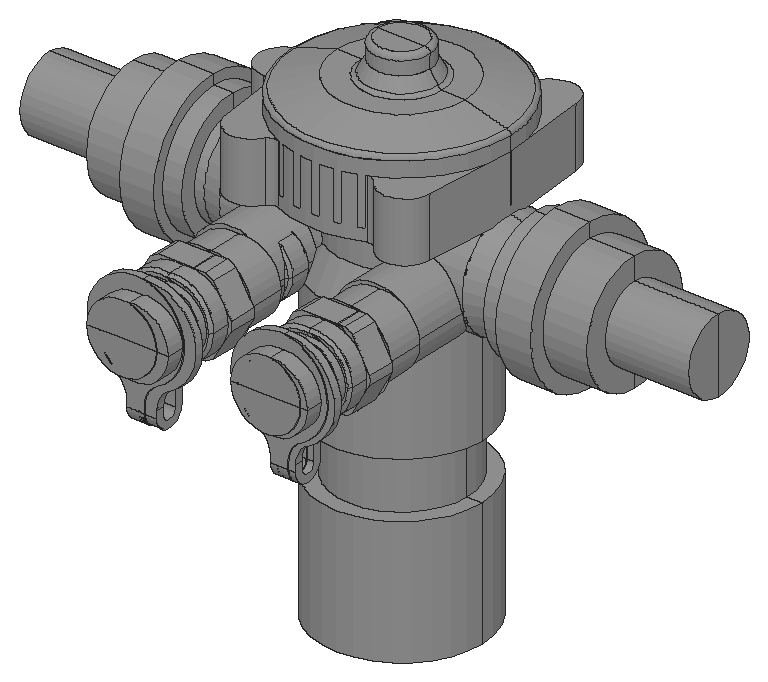
Revit family "Pressure independent control valve 4006_M_SMART", category Rohrzubehör, Revit 2018
Family settings
  Bemaßung runder Anschluss = Durchmesser verwenden
  Teiletyp = Unterbricht
  OmniClass-Nummer = 23.65.55.14
  OmniClass-Titel = Valves for Liquid Services
  Arbeitsebenenbasiert = Nein
  Immer vertikal = Ja
  Beim Laden mit Abzugskörper schneiden = Nein
  Gemeinsam genutzt = Nein
Parameters
  min. Operating temperature (pure water) = 2 °C  # constant formula
  min. Operating temperature (frost protection) = -20 °C  # constant formula
  max. Operating temperature up to DN32 = 130 °C  # constant formula
  max. Operating temperature from DN40 = 110 °C  # constant formula
  max. Operating pressure = 1600000.0 Pa  # constant formula
  S09 = 10.000 mm
  S08 = 30.000 mm
  Medium = "water purity in accordance with the ÖNORM H5195 and VDI 2035 standards\r\nthe use of ethylene and propylene glycol in a mixture ratio of 25 - 50% by volume [%] is permitted."
  VRL01 [instance] = size_lookup("4006M_S", "VRL1", 30.000 mm, Nennweite)  # 30.000 mm
  V12 = 17.000 mm  # constant formula
  V10 = 7.000 mm  # constant formula
  V09 [instance] = L06 + 4.000 mm  # 11.000 mm
  V07 = 8.000 mm  # constant formula
  V06 [instance] = 12.000 mm  # constant formula
  V05 [instance] = 13.200 mm  # constant formula
  V04 [instance] = V08 + 3.000 mm  # 13.000 mm
  V03 [instance] = V08 + 5.000 mm  # 15.000 mm
  V02 [instance] = V01 + 4.500 mm  # 12.000 mm
  V01 [instance] = Nennweite / 2  # 7.500 mm
  URL = "http://www.herzvalves.com/"
  Lift = 4.000 mm  # constant formula
  Pin = "stainless steel 14301"  # constant formula
  SCRNSEQ = "ARM;ARM_TYP=\"DURR\";2"
  SCRNCODE = "05;04;02"  # constant formula
  S07 [instance] = H03 + 3.700 mm  # 13.051 mm
  S06 [instance] = 42.550 mm  # constant formula
  S05 = 51.500 mm  # constant formula
  S04 [instance] = V03 * 2  # 30.000 mm
  S03 [instance] = VRL01 + L02  # 64.000 mm
  S02 [instance] = VRL01 + L01  # 71.000 mm
  S01 [instance] = L01 + L02 + (VRL01 * 2)  # 135.000 mm
  R17 [instance] = size_lookup("4006M_S", "R17", 12.500 mm, Nennweite)  # 12.500 mm
  R16 [instance] = size_lookup("4006M_S", "R16", 16.500 mm, Nennweite)  # 16.500 mm
  R15 = 7.225 mm  # constant formula
  R14 = 8.070 mm  # constant formula
  R13 = 3.496 mm  # constant formula
  R12 = 6.800 mm  # constant formula
  R11 = 9.620 mm  # constant formula
  R10 = 6.800 mm  # constant formula
  R09 = 16.292 mm  # constant formula
  R08 = 13.212 mm  # constant formula
  R07 = 18.816 mm  # constant formula
  R06 = 22.000 mm  # constant formula
  R05 = 12.954 mm  # constant formula
  R04 = 7.193 mm  # constant formula
  R03 = 5.755 mm  # constant formula
  R02 = 4.670 mm  # constant formula
  R01 [instance] = size_lookup("4006M_S", "R01", 11.000 mm, Nennweite)  # 11.000 mm
  PN = 16  # constant formula
  O-Rings = "EPDM"  # constant formula
  V08 [instance] = size_lookup("4006M_S", "N2", 10.000 mm, Nennweite)  # 10.000 mm
  Nennweite/2 [instance] = size_lookup("4006M_S", "N1", 8.000 mm, Nennweite)  # 9.000 mm
  Nennweite [instance] = 15.000 mm
  Membrane housing = "brass CW602N"  # constant formula
  Membrane = "EPDM"  # constant formula
  L15 [instance] = size_lookup("4006M_S", "L15", 3.300 mm, Nennweite)  # 3.300 mm
  L14 [instance] = size_lookup("4006M_S", "L14", 43.477 mm, Nennweite)  # 43.477 mm
  L13 [instance] = size_lookup("4006M_S", "L13", 32.232 mm, Nennweite)  # 32.232 mm
  L12 [instance] = size_lookup("4006M_S", "L12", 6.497 mm, Nennweite)  # 6.497 mm
  L11 [instance] = size_lookup("4006M_S", "L11", 5.418 mm, Nennweite)  # 5.418 mm
  L10 [instance] = size_lookup("4006M_S", "L10", 12.434 mm, Nennweite)  # 12.434 mm
  L09 [instance] = size_lookup("4006M_S", "L09", 24.943 mm, Nennweite)  # 24.943 mm
  L08 [instance] = size_lookup("4006M_S", "L08", 28.260 mm, Nennweite)  # 28.260 mm
  L07 [instance] = size_lookup("4006M_S", "L07", 33.915 mm, Nennweite)  # 33.915 mm
  L06 = 7.000 mm  # constant formula
  L05 = 9.000 mm  # constant formula
  L04 = 21.000 mm  # constant formula
  L03 = 28.000 mm  # constant formula
  L02 = 34.000 mm  # constant formula
  L01 = 41.000 mm  # constant formula
  Capillary pipe = "copper Cu-DHP (CW024A)"  # constant formula
  Hersteller = "Herz-Armaturen GmbH"  # constant formula
  H04 = 12.000 mm  # constant formula
  H03 = 9.351 mm  # constant formula
  H02 [instance] = size_lookup("4006M_S", "H2", 69.000 mm, Nennweite)  # 69.000 mm
  H01 [instance] = size_lookup("4006M_S", "H1", 35.000 mm, Nennweite)  # 35.000 mm
  H [instance] = 112.553 mm  # constant formula
  Housing = "DZR brass CC770S"  # constant formula
  E20 = 108.221 mm  # constant formula
  E19 = 5.000 mm  # constant formula
  E18 = 5.150 mm  # constant formula
  E17 = 28.850 mm  # constant formula
  E16 = 23.700 mm  # constant formula
  E15 = 21.877 mm  # constant formula
  E14 = 20.506 mm  # constant formula
  E13 = 11.063 mm  # constant formula
  E12 = 9.001 mm  # constant formula
  E11 = 10.700 mm  # constant formula
  E10 = 20.427 mm  # constant formula
  E09 = 20.075 mm  # constant formula
  E08 = 20.825 mm  # constant formula
  E07 = 5.150 mm  # constant formula
  E06 = 17.921 mm  # constant formula
  E05 = 20.519 mm  # constant formula
  E04 = 19.704 mm  # constant formula
  E03 = 18.385 mm  # constant formula
  E02 = 20.014 mm  # constant formula
  E01 = 23.000 mm  # constant formula
  Spring = "spring steel"  # constant formula
  DN20 = yes
  DN15 [instance] = yes
  Bestellnummer Verschraubung [instance] = size_lookup("4006M_S", "Vrnr", 0, Nennweite)  # 1621011
  Bestellnummer [instance] = size_lookup("4006M_S", "Artnr", 0, Nennweite)  # 1400621
  Protective cap = "plastic"  # constant formula
  B09 = 7.998 mm  # constant formula
  B08 = 23.556 mm  # constant formula
  B07 = 30.908 mm  # constant formula
  B06 = 39.471 mm  # constant formula
  B05 = 40.933 mm  # constant formula
  B04 = 41.901 mm  # constant formula
  B03 = 44.372 mm  # constant formula
  B02 = 45.400 mm  # constant formula
  B01 = 50.000 mm  # constant formula
  Application = "the Pressure Independent Balancing Control Valve (PIBCV) is used in all heating and cooling systems with circulation pumps.\r\nthe valve automatically maintains flow to the required part of the system at the set rate by measuring and immediately adjusting to any variation in pressure.\r\nno additional measurements are necessary and the correct flow rate is achieved at all operating conditions.\r\nthe diaphragm responds to the pressure upstream and downstream of the regulating valve (via an internal impulse line).\r\nthe valve settings directly affect the volumetric flow through the valve.\r\nit is thus possible to set the maximum flow rate based on the flow chart when the valve is fitted.\r\nthis allows for the balancing of heating circuits, cooling water systems, ceiling cooling and heating panels, air heaters, etc. without any need to first assess the pressure variations in the system.\r\nthe valve‘s principal application is as a control valve for terminal units."
Reference planes
  plane 1 "Mitte (Vorne/hinten)": y = 0
  plane 2: z = 0
  plane 3 "Mitte (Links/rechts)": x = 0
Forms (mm)
  Revolve 1, solid, material "Messing, weicher Gelbton, geschweißt", detail levels fine
    sketch origin (0, 0, 0) x (1, 0, 0) y (0, 0, 1)
      loop
        line (-41, 9) -> (-34, 9) -> (-34, 0) -> (27, 0) -> (27, 9) -> (34, 9) -> (34, 10) -> (25, 10) -> (21, 11) -> (-28, 11) -> (-32, 10) -> (-41, 10) -> (-41, 9)
      axis (-41, 0) -> (34, 0)
    angle from 0 to 360
  Revolve 2, solid, material "Messing, weicher Gelbton, geschweißt", detail levels fine
    sketch origin (0, 0, 0) x (1, 0, 0) y (0, 0, 1)
      loop
        line (0, -69) -> (16.292, -69) -> (16.292, -43.477) -> (13.212, -43.477) -> (13.212, -32.232) -> (16.292, -32.232) -> (16.292, -6.497) -> (13.212, 0.106) -> (13.212, 5.418) -> (18.816, 12.434) -> (22, 12.434) -> (22, 24.943)
        arc (22, 24.943) -> (21.752, 25.523) -> (21.223, 25.866) r 1.085
        line (21.223, 25.866) -> (12.954, 28.26) -> (8.134, 28.26)
        arc (8.134, 28.26) -> (7.591, 28.406) -> (7.193, 28.803) r 1.086
        line (7.193, 28.803) -> (5.755, 31.294) -> (5.755, 33.915)
        arc (5.755, 33.915) -> (5.437, 34.682) -> (4.67, 35) r 1.085
        line (4.67, 35) -> (0, 35) -> (0, -69)
      axis (0, 35) -> (0, -69)
    angle from 0 to 360
  Extrusion 3, solid, material "Messing, weicher Gelbton, geschweißt", detail levels fine
    sketch origin (0, 0, 28.917) x (1, 0, 0) y (0, 1, 0)
      loop
        arc (-20.506, 17.921) -> (-21.381, 11.556) -> (-21.877, 5.15) r 108.259
        line (-21.877, 5.15) -> (-23.7, 5.15)
        arc (-23.7, 5.15) -> (-27.342, 3.642) -> (-28.85, 0) r 5.15
        arc (-28.85, 0) -> (-27.342, -3.642) -> (-23.7, -5.15) r 5.15
        line (-23.7, -5.15) -> (-21.877, -5.15)
        arc (-21.877, -5.15) -> (-21.356, -11.79) -> (-20.427, -18.385) r 108.259
        arc (-20.427, -18.385) -> (-16.688, -23.223) -> (-11.063, -20.825) r 5
        arc (-11.063, -20.825) -> (-10.143, -20.146) -> (-9.001, -20.075) r 2.019
        arc (-9.001, -20.075) -> (0, -22.001) -> (9.001, -20.075) r 22.001
        arc (9.001, -20.075) -> (10.143, -20.145) -> (11.063, -20.825) r 2.019
        arc (11.063, -20.825) -> (16.688, -23.223) -> (20.427, -18.385) r 5
        arc (20.427, -18.385) -> (22, 0) -> (20.427, 18.385) r 108.221
        arc (20.427, 18.385) -> (16.253, 23.316) -> (10.7, 20.014) r 5
        arc (10.7, 20.014) -> (9.88, 19.699) -> (9.001, 19.704) r 2.379
        arc (9.001, 19.704) -> (0, 21.663) -> (-9.001, 19.704) r 21.663
        arc (-9.001, 19.704) -> (-10.161, 19.785) -> (-11.063, 20.519) r 1.927
        arc (-11.063, 20.519) -> (-16.774, 22.818) -> (-20.506, 17.921) r 5.079
    from -18.973 to -6.973
  Revolve 4, solid, material "Messing, weicher Gelbton, geschweißt", detail levels fine
    sketch origin (0, 0, -3.3) x (1, 0, 0) y (0, 1, 0)
      loop
        line (-24.57, -7.998) -> (-24.57, -22.322) -> (-16.5, -22.322) -> (-16.5, -7.998) -> (-24.57, -7.998)
      axis (-16.5, -7.998) -> (-16.5, -22.322)
    angle from 0 to 360
  Revolve 5, solid, material "Messing, weicher Gelbton, geschweißt", detail levels fine
    sketch origin (-4, 0, -3.3) x (-1, 0, 0) y (0, -1, 0)
      loop
        line (-24.57, 7.998) -> (-16.5, 7.998) -> (-16.5, 22.322) -> (-24.57, 22.322) -> (-24.57, 7.998)
      axis (-16.5, 7.998) -> (-16.5, 22.322)
    angle from 0 to 360
  Revolve 6, solid, material "Messing, weicher Gelbton, geschweißt", detail levels fine
    sketch origin (0, 0, 0) x (1, 0, 0) y (0, 0, 1)
      loop
        line (34, 0) -> (64, 0) -> (64, 7.5) -> (47, 7.5) -> (47, 12) -> (38, 12) -> (38, 15) -> (31, 15) -> (31, 13) -> (27, 13) -> (27, 10) -> (34, 10) -> (34, 0)
      axis (27, 0) -> (64, 0)
    angle from 0 to 360
  Revolve 7, solid, material "Messing, weicher Gelbton, geschweißt", detail levels fine
    sketch origin (-7, 0, 0) x (-1, 0, 0) y (0, 0, 1)
      loop
        line (34, 0) -> (64, 0) -> (64, 7.5) -> (47, 7.5) -> (47, 12) -> (38, 12) -> (38, 15) -> (31, 15) -> (31, 13) -> (27, 13) -> (27, 10) -> (34, 10) -> (34, 0)
      axis (27, 0) -> (64, 0)
    angle from 0 to 360
Lines and regions (mm)
  model lines, detail levels coarse+medium
    curve 1: line (67.5, -15, 0) -> (67.5, 15, 0)
    curve 2: line (67.5, 15, 0) -> (-67.5, -15, 0)
    curve 3: line (-67.5, -15, 0) -> (-67.5, 15, 0)
    curve 4: line (-67.5, 15, 0) -> (67.5, -15, 0)
    curve 5: line (-67.5, 14.673, 0) -> (0, -12.434, 0)
    curve 6: line (0, -12.434, 0) -> (67.5, 14.673, 0)
    curve 7: line (0, -12.434, 0) -> (0, -21.949, 0)
    curve 8: spline (-22, -28.474, 0) -> (-21.25, -26.786, 0) -> (-19.053, -25.212, 0) -> (-15.556, -23.86, 0) -> (-11, -22.823, 0) -> (-5.694, -22.171, 0) -> (0, -21.949, 0) -> (5.694, -22.171, 0) -> (11, -22.823, 0) -> (15.556, -23.86, 0) -> (19.053, -25.212, 0) -> (21.25, -26.786, 0) -> (22, -28.475, 0) -> (21.25, -30.163, 0) -> (19.053, -31.737, 0) -> (15.556, -33.089, 0) -> (11, -34.126, 0) -> (5.694, -34.778, 0) -> (0, -35, 0) -> (-5.694, -34.778, 0) -> (-11, -34.126, 0) -> (-15.556, -33.089, 0) -> (-19.053, -31.737, 0) -> (-21.25, -30.163, 0) -> (-22, -28.474, 0)
    curve 9: line (-67.5, 0, 15) -> (-67.5, 0, -14.954)
    curve 10: line (-67.5, 0, -14.954) -> (67.5, 0, 15)
    curve 11: line (67.5, 0, 15) -> (67.5, 0, -14.954)
    curve 12: line (67.5, 0, -14.954) -> (-67.5, 0, 15)
    curve 13: line (67.5, 0, -15) -> (0, 0, 12.434)
    curve 14: line (0, 0, 12.434) -> (-67.5, 0, -15)
    curve 15: line (0, 0, 12.434) -> (0, 0, 21.949)
    curve 16: spline (-22, 0, 28.475) -> (-21.25, 0, 30.163) -> (-19.053, 0, 31.737) -> (-15.556, 0, 33.089) -> (-11, 0, 34.126) -> (-5.694, 0, 34.778) -> (0, 0, 35) -> (5.694, 0, 34.778) -> (11, 0, 34.126) -> (15.556, 0, 33.089) -> (19.053, 0, 31.737) -> (21.25, 0, 30.163) -> (22, 0, 28.474) -> (21.25, 0, 26.786) -> (19.053, 0, 25.212) -> (15.556, 0, 23.86) -> (11, 0, 22.823) -> (5.694, 0, 22.171) -> (0, 0, 21.949) -> (-5.694, 0, 22.171) -> (-11, 0, 22.823) -> (-15.556, 0, 23.86) -> (-19.053, 0, 25.212) -> (-21.25, 0, 26.786) -> (-22, 0, 28.475)
  model lines
    curve 17: line (-67.5, 0, 15) -> (-77.5, 0, 15)
    curve 18: line (-77.5, 0, 15) -> (-67.5, 0, 0)
    curve 19: line (-67.5, 0, -15) -> (-77.5, 0, -15)
    curve 20: line (-77.5, 0, -15) -> (-67.5, 0, 0)
    curve 21: line (-67.5, 0, 0) -> (-97.5, 0, 0)
    curve 22: line (67.5, 0, 15) -> (77.5, 0, 15)
    curve 23: line (77.5, 0, 15) -> (67.5, 0, 0)
    curve 24: line (67.5, 0, -15) -> (77.5, 0, -15)
    curve 25: line (77.5, 0, -15) -> (67.5, 0, 0)
    curve 26: line (67.5, 0, 0) -> (97.5, 0, 0)
Dimensions and locks
  "H02": level to Revolve 2 sketch curve
  "L01": plane 3 "Mitte (Links/rechts)" to Revolve 1 sketch curve
  "V08": Revolve 1 sketch curve to Revolve 1 sketch curve  (x2)
  "Nennweite/2": Revolve 1 sketch curve to Revolve 1 sketch curve  (x2)
  "E01": plane 1 "Mitte (Vorne/hinten)" to Extrusion 3 sketch curve
  "L03": plane 3 "Mitte (Links/rechts)" to Revolve 1 sketch curve
  "L04": Revolve 1 sketch curve to plane 3 "Mitte (Links/rechts)"
  "L05": Revolve 1 sketch curve to Revolve 1 sketch curve  (x2)
  "L06": Revolve 1 sketch curve to Revolve 1 sketch curve  (x2)
  "L02": Revolve 1 sketch curve to plane 3 "Mitte (Links/rechts)"
  "H01": Revolve 2 sketch curve to level
  "R02": Revolve 2 sketch curve to Revolve 2 sketch curve
  "R03": Revolve 2 sketch curve to Revolve 2 sketch curve
  "R04": Revolve 2 sketch curve to Revolve 2 sketch curve
  "R05": Revolve 2 sketch curve to Revolve 2 sketch curve
  "R06": Revolve 2 sketch curve to Revolve 2 sketch curve
  "R07": Revolve 2 sketch curve to Revolve 2 sketch curve
  "R08": Revolve 2 sketch curve to Revolve 2 sketch curve  (x2)
  "R09": Revolve 2 sketch curve to Revolve 2 sketch curve  (x2)
  "L07": Revolve 2 sketch curve to plane 2
  "L08": Revolve 2 sketch curve to plane 2
  "L09": Revolve 2 sketch curve to plane 2
  "L10": Revolve 2 sketch curve to plane 2
  "L11": Revolve 2 sketch curve to plane 2
  "L12": plane 2 to Revolve 2 sketch curve
  "L13": plane 2 to Revolve 2 sketch curve
  "L14": plane 2 to Revolve 2 sketch curve
  "B09": Revolve 4 sketch curve to plane 1 "Mitte (Vorne/hinten)"
  "R14": Revolve 4 sketch curve to Revolve 4 sketch curve
  "R14": Revolve 5 sketch curve to Revolve 5 sketch curve
  "B09": plane 1 "Mitte (Vorne/hinten)" to Revolve 5 sketch curve
  "R17": plane 3 "Mitte (Links/rechts)" to Revolve 5 sketch curve
  "E02": plane 1 "Mitte (Vorne/hinten)" to Extrusion 3 sketch curve
  "E03": plane 1 "Mitte (Vorne/hinten)" to Extrusion 3 sketch curve
  "E04": plane 1 "Mitte (Vorne/hinten)" to Extrusion 3 sketch curve  (x2)
  "E05": plane 1 "Mitte (Vorne/hinten)" to Extrusion 3 sketch curve
  "E06": plane 1 "Mitte (Vorne/hinten)" to Extrusion 3 sketch curve
  "E07": plane 1 "Mitte (Vorne/hinten)" to Extrusion 3 sketch curve  (x2)
  "E03": Extrusion 3 sketch curve to plane 1 "Mitte (Vorne/hinten)"  (x2)
  "E08": Extrusion 3 sketch curve to plane 1 "Mitte (Vorne/hinten)"  (x2)
  "E09": Extrusion 3 sketch curve to plane 1 "Mitte (Vorne/hinten)"  (x2)
  "E07": Extrusion 3 sketch curve to plane 1 "Mitte (Vorne/hinten)"
  "E10": plane 3 "Mitte (Links/rechts)" to Extrusion 3 sketch curve  (x2)
  "E11": plane 3 "Mitte (Links/rechts)" to Extrusion 3 sketch curve
  "E12": plane 3 "Mitte (Links/rechts)" to Extrusion 3 sketch curve  (x2)
  "E12": Extrusion 3 sketch curve to plane 3 "Mitte (Links/rechts)"  (x2)
  "E13": Extrusion 3 sketch curve to plane 3 "Mitte (Links/rechts)"  (x2)
  "E14": Extrusion 3 sketch curve to plane 3 "Mitte (Links/rechts)"
  "E15": Extrusion 3 sketch curve to plane 3 "Mitte (Links/rechts)"  (x2)
  "E16": Extrusion 3 sketch curve to plane 3 "Mitte (Links/rechts)"  (x2)
  "E17": Extrusion 3 sketch curve to plane 3 "Mitte (Links/rechts)"
  "E10": Extrusion 3 sketch curve to plane 3 "Mitte (Links/rechts)"
  "E13": plane 3 "Mitte (Links/rechts)" to Extrusion 3 sketch curve
  "H03": Revolve 2 to Extrusion 3
  "R16": Revolve 4 sketch curve to plane 3 "Mitte (Links/rechts)"
  "H04": Extrusion 3 to Extrusion 3
  "R01": Revolve 1 sketch curve to Revolve 1 sketch curve
  "V03": Revolve 6 sketch curve to plane 2
  "V04": Revolve 6 sketch curve to plane 2
  "V08": Revolve 6 sketch curve to plane 2
  "L06": Revolve 6 sketch curve to Revolve 6 sketch curve
  "L02": plane 3 "Mitte (Links/rechts)" to Revolve 6 sketch curve
  "V01": Revolve 6 sketch curve to plane 2
  "V02": Revolve 6 sketch curve to plane 2
  "V09": Revolve 6 sketch curve to Revolve 6 sketch curve
  "V10": Revolve 6 sketch curve to Revolve 6 sketch curve
  "V12": Revolve 6 sketch curve to Revolve 6 sketch curve
  "L06": Revolve 7 sketch curve to Revolve 7 sketch curve
  "V09": Revolve 7 sketch curve to Revolve 7 sketch curve
  "V10": Revolve 7 sketch curve to Revolve 7 sketch curve
  "V12": Revolve 7 sketch curve to Revolve 7 sketch curve
  "L01": Revolve 7 sketch curve to plane 3 "Mitte (Links/rechts)"
  "V01": Revolve 7 sketch curve to plane 2
  "V02": Revolve 7 sketch curve to plane 2
  "V03": Revolve 7 sketch curve to plane 2
  "V08": Revolve 7 sketch curve to plane 2
  "V04": Revolve 7 sketch curve to plane 2
  "VRL01": Revolve 7 sketch curve to Revolve 7 sketch curve
  "S04": curve 3 to curve 4
  "S04": curve 4 to curve 2
  "VRL01": Revolve 6 sketch curve to Revolve 6 sketch curve
  equal spacing: curve 3, plane 1 "Mitte (Vorne/hinten)", curve 4
  equal spacing: curve 4, plane 1 "Mitte (Vorne/hinten)", curve 2
  equal spacing: curve 3, plane 3 "Mitte (Links/rechts)", curve 1
  "R06": curve 8 to plane 3 "Mitte (Links/rechts)" to curve 8
  "S01": curve 3 to curve 1
  "L10": curve 7 to plane 1 "Mitte (Vorne/hinten)"
  "H01": curve 8 to plane 1 "Mitte (Vorne/hinten)"
  "S07": curve 8 to curve 8
  "S01": curve 9 to curve 11
  equal spacing: curve 9, curve 8, curve 11
  equal spacing: curve 9, plane 3 "Mitte (Links/rechts)", curve 11
  "S04": curve 11 to curve 13
  "S04": curve 12 to curve 14
  equal spacing: curve 12, plane 2, curve 14
  equal spacing: curve 11, plane 2, curve 13
  "R06": curve 16 to plane 3 "Mitte (Links/rechts)" to curve 16
  "S07": curve 16 to curve 16
  "H01": curve 16 to plane 2
  "L10": curve 15 to plane 2
  "S09": curve 18 to curve 9
  "S09": curve 20 to curve 9
  "S08": curve 21 to curve 9
  "V03": curve 17 to plane 2 to curve 19
  "S09": curve 11 to curve 23
  "S09": curve 11 to curve 25
  "V03": curve 22 to plane 2 to curve 24
  "S08": curve 11 to curve 26
  "L15": plane 2 to Revolve 4
  "L15": plane 2 to Revolve 5
  "L15": plane 2 to nested 2
  "L15": plane 2 to nested 4
  "L15": plane 2 to nested 3
  "L15": plane 2 to nested 5
  "E18": radius of Extrusion 3 sketch curve  (x2)
  "E19": radius of Extrusion 3 sketch curve  (x3)
  "E20": radius of Extrusion 3 sketch curve
  aligned and locked: level to plane 2
Automatic sketch dimensions
  curve 18 to level = 0.000 mm
  curve 26 to level = 0.000 mm
  curve 17 to curve 18 = 10.000 mm
  curve 26 to curve 22 = 10.000 mm
  curve 17 to curve 17 = 10.000 mm
  curve 19 to curve 19 = 10.000 mm
  curve 22 to curve 22 = 10.000 mm
  curve 24 to curve 24 = 10.000 mm
  curve 6 to plane 3 "Mitte (Links/rechts)" = 0.000 mm
  curve 6 to curve 1 = 0.327 mm
  curve 5 to curve 3 = 0.327 mm
  Revolve 1 sketch curve to level = 0.000 mm  (x2)
  Revolve 1 sketch curve to Revolve 1 sketch curve = 1307.458 mm
  Revolve 1 sketch curve to Revolve 1 sketch curve = 1854.450 mm
  Revolve 2 sketch curve to plane 3 "Mitte (Links/rechts)" = 0.000 mm  (x2)
  Revolve 2 sketch curve to Revolve 2 sketch curve = 0.941 mm
  Revolve 2 sketch curve to Revolve 2 sketch curve = 1.078 mm
  Revolve 2 sketch curve to Revolve 2 sketch curve = 0.302 mm
  level to Revolve 2 sketch curve = 0.106 mm
  Revolve 2 sketch curve to Revolve 2 sketch curve = 0.119 mm
  Revolve 2 sketch curve to Revolve 2 sketch curve = 0.543 mm
  Revolve 2 sketch curve to Revolve 2 sketch curve = 2.621 mm
  Revolve 2 sketch curve to Revolve 2 sketch curve = 297.045 mm
  Revolve 2 sketch curve to Revolve 2 sketch curve = 2179.315 mm
  Extrusion 3 sketch curve to Extrusion 3 sketch curve = 0.000 mm  (x4)
  plane 1 "Mitte (Vorne/hinten)" to Extrusion 3 sketch curve = 0.000 mm
  Extrusion 3 sketch curve to Extrusion 3 sketch curve = 1.610 mm  (x2)
  Extrusion 3 sketch curve to Extrusion 3 sketch curve = 0.451 mm
  Extrusion 3 sketch curve to Extrusion 3 sketch curve = 0.452 mm
  Revolve 4 sketch curve to Revolve 4 sketch curve = 14.324 mm
  Revolve 4 sketch curve to Revolve 4 sketch curve = 0.000 mm  (x2)
  Revolve 4 sketch curve to Revolve 4 sketch curve = 27.678 mm
  Revolve 5 sketch curve to Revolve 5 sketch curve = 14.324 mm
  Revolve 5 sketch curve to Revolve 5 sketch curve = 0.000 mm  (x3)
  Revolve 6 sketch curve to level = 0.000 mm  (x2)
  Revolve 6 sketch curve to Revolve 6 sketch curve = 0.000 mm  (x2)
  Revolve 7 sketch curve to level = 0.000 mm  (x2)
  Revolve 7 sketch curve to Revolve 7 sketch curve = 0.000 mm  (x2)
  curve 14 to plane 3 "Mitte (Links/rechts)" = 0.000 mm
  curve 14 to curve 10 = 0.046 mm
  curve 13 to curve 12 = 0.046 mm
Nested families
  nested 1: "Herz-Logo-vorne" at (0, -16.056, -19.148) x (0, 1, 0) z (0, 0, 1), type "Herz-Logo-vorne", detail levels fine
  nested 2: "Messstutzen_Band_Eintritt" at (-16.5, -13.322, -3.3), visible <- "DN15", type "Messstutzen_Band_Eintritt"
    with Schutzkappe yes, Nennweite 0.000 mm, Gewicht 0.00 kg, Bestellnummer 0
  nested 3: "Messstutzen_Band_Austritt" at (12.5, -13.322, -3.3), visible <- "DN15", type "Messstutzen_Band_Austritt"
    with Schutzkappe yes, Nennweite 0.000 mm, Gewicht 0.00 kg, Bestellnummer 0
  nested 4: "Messstutzen_Band_Eintritt" at (-14, -13.322, -3.3), visible <- "DN20", type "Messstutzen_Band_Eintritt"
    with Schutzkappe yes, Nennweite 0.000 mm, Gewicht 0.00 kg, Bestellnummer 0
  nested 5: "Messstutzen_Band_Austritt" at (14, -13.322, -3.3), visible <- "DN20", type "Messstutzen_Band_Austritt"
    with Schutzkappe yes, Nennweite 0.000 mm, Gewicht 0.00 kg, Bestellnummer 0
Connectors
  piping at (64, 0, 0), diameter 15, driven by "Nennweite"
    settings: on Revolve 6, index 3, connector inside diameter 609.6 mm, connector length 0.000 mm, flow factor 0, pipe flow 0.0 L/s, pressure drop 0.0 Pa, fitting loss kfactor 0, connector angle 0.00°, fixture units 0, engagement length 0.000 mm, angle of deflection 0.00°, flow configuration 0, flow direction 2, fitting loss method 0, system type 29, joint type 0, gender type 0, connector reference index -1, connector utility 0, adjustable connector no, is connector primary yes, connector description ""
  piping at (-71, 0, 0), diameter 15, driven by "Nennweite"
    settings: on Revolve 7, index 4, connector inside diameter 609.6 mm, connector length 0.000 mm, flow factor 0, pipe flow 0.0 L/s, pressure drop 0.0 Pa, fitting loss kfactor 0, connector angle 0.00°, fixture units 0, engagement length 0.000 mm, angle of deflection 0.00°, flow configuration 0, flow direction 1, fitting loss method 0, system type 29, joint type 0, gender type 0, connector reference index -1, connector utility 0, adjustable connector no, is connector primary no, connector description ""
Definition of nested family "Herz-Logo-vorne"
  Reference planes
    plane 1 "Mitte (Vorne/hinten)": y = 0
    plane 2: z = 0
    plane 3 "Mitte (Links/rechts)": x = 0
  Forms (mm)
    Extrusion 1, solid
      sketch origin (0.732, -0.018, 0.017) x (0, -1, 0) y (0, 0, 1)
        loop
          line (-0.018, -4.517) -> (4.482, -4.517) -> (4.482, 4.483) -> (-4.518, 4.483) -> (-4.518, -4.517) -> (-0.018, -4.517)
        loop
          line (-0.05, -3.48) -> (3.482, -3.48) -> (3.482, 3.483) -> (-3.518, 3.483) -> (-3.518, -3.48) -> (-0.05, -3.48)
        loop
          arc (-0.018, 2.383) -> (-1.543, 3.287) -> (-3.067, 2.383) r 1.738
          arc (-3.067, 2.383) -> (-3.191, 1.899) -> (-3.067, 1.415) r 1.009
          line (-3.067, 1.415) -> (-0.018, -3.281) -> (3.032, 1.415)
          arc (3.032, 1.415) -> (3.156, 1.899) -> (3.032, 2.383) r 1.009
          arc (3.032, 2.383) -> (1.507, 3.287) -> (-0.018, 2.383) r 1.738
        loop
          arc (1.885, 1.272) -> (2.005, 1.675) -> (1.885, 2.079) r 0.74
          arc (1.885, 2.079) -> (1.265, 2.416) -> (0.644, 2.079) r 0.74
          line (0.644, 2.079) -> (-0.018, 0.97) -> (-0.679, 2.079)
          arc (-0.679, 2.079) -> (-1.3, 2.416) -> (-1.921, 2.079) r 0.74
          arc (-1.921, 2.079) -> (-2.04, 1.675) -> (-1.921, 1.272) r 0.74
          line (-1.921, 1.272) -> (-0.018, -1.658) -> (1.885, 1.272)
      from 0 to 1.5
  Dimensions and locks
    aligned and locked: level to plane 2
Definition of nested family "Messstutzen_Band_Eintritt"
  Parameters (values of type "Messstutzen_Band_Eintritt")
    URL = "www.herz-armaturen.at"
    Schutzkappe [instance] = yes
    Nennweite [instance] = 0.000 mm
    Manufacturer = "Herz Armaturen GmbH"  # constant formula
    Gewicht [instance] = 0.00 kg
    Bestellnummer [instance] = 0
  Reference planes
    plane 1 "Mitte (Vorne/hinten)": y = 0
    plane 2: z = 0
    plane 3 "Mitte (Links/rechts)": x = 0
    plane 4 "Schlaufe 1": y = -27
    plane 5 "Schlaufe 2": y = -31.678
  Forms (mm)
    Revolve 1, solid, detail levels fine
      sketch origin (0, 0, 0) x (1, 0, 0) y (0, 1, 0)
        loop
          line (-7.4, -9) -> (-7.4, -16.5)
          arc (-7.4, -16.5) -> (-7.693, -17.207) -> (-8.4, -17.5) r 1
          line (-8.4, -17.5) -> (-2, -17.5) -> (-2, 0) -> (-5.555, 0) -> (-6.455, -0.9) -> (-6.455, -4.681) -> (-5.843, -5.293)
          arc (-5.843, -5.293) -> (-5.626, -5.617) -> (-5.55, -6) r 1
          line (-5.55, -6) -> (-5.55, -9) -> (-7.4, -9)
        loop
          line (-3.7, -27) -> (-3.7, -30.45) -> (-4.415, -30.863) -> (-4.415, -35.19) -> (-3.805, -35.8) -> (-2, -35.8) -> (-2, -23) -> (-7.9, -23) -> (-7.9, -26.4) -> (-7.3, -27) -> (-3.7, -27)
        axis (0, 0) -> (0, -35.8)
      angle from 0 to 360
    Extrusion 2, solid, detail levels fine
      sketch origin (0, -17.5, 0) x (-1, 0, 0) y (0, 0, -1)
        loop
          line (5.156, -7.07) -> (8.7, -0.93)
          arc (8.7, -0.93) -> (8.75, 0) -> (8.7, 0.93) r 8.75
          line (8.7, 0.93) -> (5.156, 7.07)
          arc (5.156, 7.07) -> (4.375, 7.578) -> (3.544, 8) r 8.75
          line (3.544, 8) -> (-3.544, 8)
          arc (-3.544, 8) -> (-4.375, 7.578) -> (-5.156, 7.07) r 8.75
          line (-5.156, 7.07) -> (-8.7, 0.93)
          arc (-8.7, 0.93) -> (-8.75, 0) -> (-8.7, -0.93) r 8.75
          line (-8.7, -0.93) -> (-5.156, -7.07)
          arc (-5.156, -7.07) -> (-4.375, -7.578) -> (-3.544, -8) r 8.75
          line (-3.544, -8) -> (3.544, -8)
          arc (3.544, -8) -> (4.375, -7.578) -> (5.156, -7.07) r 8.75
      from 0 to 5.5
    Revolve 3, solid, visible <- "Schutzkappe", detail levels fine
      sketch origin (0, 0, 0) x (1, 0, 0) y (0, 1, 0)
        loop
          line (0, -35.878) -> (-3.805, -35.878) -> (-4.415, -35.268) -> (-4.415, -30.178) -> (-6.9, -30.178) -> (-6.9, -31.678) -> (-6.1, -31.678) -> (-6.1, -33.378) -> (-7, -33.378) -> (-7, -36.678) -> (0, -36.678) -> (0, -35.878)
        axis (0, -30.178) -> (0, -36.678)
      angle from 0 to 360
    Extrusion 4, solid, detail levels fine
      sketch origin (0, -27, 0) x (0, 0, -1) y (-1, 0, 0)
        loop
          circle (0, 0) r 3.7
        loop
          arc (5.505, 3.906) -> (-6.75, 0) -> (5.505, -3.906) r 6.75
          arc (5.505, -3.906) -> (7.288, -2.358) -> (9.582, -1.8) r 5
          line (9.582, -1.8) -> (9.582, 1.8)
          arc (9.582, 1.8) -> (7.288, 2.358) -> (5.505, 3.906) r 5
      from 0 to -1.5
    Extrusion 5, solid, detail levels fine
      sketch origin (0, -31.678, 0) x (0, 0, -1) y (-1, 0, 0)
        loop
          circle (0, 0) r 6.1
        loop
          arc (8.652, 4.495) -> (-9.75, 0) -> (8.652, -4.495) r 9.75
          arc (8.652, -4.495) -> (10.493, -2.527) -> (13.089, -1.8) r 5
          line (13.089, -1.8) -> (13.089, 1.8)
          arc (13.089, 1.8) -> (10.493, 2.527) -> (8.652, 4.495) r 5
      from 0 to -1.5
    Sweep 6, solid, detail levels fine
      path origin (0, 0, 0) x (0, 1, 0) y (0, 0, 1)
        loop
          line (-27.75, -9.582) -> (-27.75, -14.522)
          arc (-27.75, -14.522) -> (-30.089, -16.862) -> (-32.428, -14.522) r 2.339
          line (-32.428, -14.522) -> (-32.428, -13.089)
      profile origin (0, -27.75, -12.052) x (1, 0, 0) y (0, 1, 0)
        loop
          line (-1.8, 0.75) -> (-1.8, -0.75) -> (1.8, -0.75) -> (1.8, 0.75) -> (-1.8, 0.75)
  Cuts and joins
    joined: Extrusion 4, Extrusion 5, Sweep 6
  Dimensions and locks
    aligned and locked: level to plane 2
Definition of nested family "Messstutzen_Band_Austritt"
  Parameters (values of type "Messstutzen_Band_Austritt")
    URL = "www.herz-armaturen.at"
    Schutzkappe [instance] = yes
    Nennweite [instance] = 0.000 mm
    Manufacturer = "Herz Armaturen GmbH"  # constant formula
    Gewicht [instance] = 0.00 kg
    Bestellnummer [instance] = 0
  Reference planes
    plane 1 "Mitte (Vorne/hinten)": y = 0
    plane 2: z = 0
    plane 3 "Mitte (Links/rechts)": x = 0
    plane 4 "Schlaufe 1": y = -27
    plane 5 "Schlaufe 2": y = -31.678
  Forms (mm)
    Revolve 1, solid, detail levels fine
      sketch origin (0, 0, 0) x (1, 0, 0) y (0, 1, 0)
        loop
          line (-7.4, -9) -> (-7.4, -16.5)
          arc (-7.4, -16.5) -> (-7.693, -17.207) -> (-8.4, -17.5) r 1
          line (-8.4, -17.5) -> (-2, -17.5) -> (-2, 0) -> (-5.555, 0) -> (-6.455, -0.9) -> (-6.455, -4.681) -> (-5.843, -5.293)
          arc (-5.843, -5.293) -> (-5.626, -5.617) -> (-5.55, -6) r 1
          line (-5.55, -6) -> (-5.55, -9) -> (-7.4, -9)
        loop
          line (-3.7, -27) -> (-3.7, -30.45) -> (-4.415, -30.863) -> (-4.415, -35.19) -> (-3.805, -35.8) -> (-2, -35.8) -> (-2, -23) -> (-7.9, -23) -> (-7.9, -26.4) -> (-7.3, -27) -> (-3.7, -27)
        axis (0, 0) -> (0, -35.8)
      angle from 0 to 360
    Extrusion 2, solid, detail levels fine
      sketch origin (0, -17.5, 0) x (-1, 0, 0) y (0, 0, -1)
        loop
          line (5.156, -7.07) -> (8.7, -0.93)
          arc (8.7, -0.93) -> (8.75, 0) -> (8.7, 0.93) r 8.75
          line (8.7, 0.93) -> (5.156, 7.07)
          arc (5.156, 7.07) -> (4.375, 7.578) -> (3.544, 8) r 8.75
          line (3.544, 8) -> (-3.544, 8)
          arc (-3.544, 8) -> (-4.375, 7.578) -> (-5.156, 7.07) r 8.75
          line (-5.156, 7.07) -> (-8.7, 0.93)
          arc (-8.7, 0.93) -> (-8.75, 0) -> (-8.7, -0.93) r 8.75
          line (-8.7, -0.93) -> (-5.156, -7.07)
          arc (-5.156, -7.07) -> (-4.375, -7.578) -> (-3.544, -8) r 8.75
          line (-3.544, -8) -> (3.544, -8)
          arc (3.544, -8) -> (4.375, -7.578) -> (5.156, -7.07) r 8.75
      from 0 to 5.5
    Revolve 3, solid, visible <- "Schutzkappe", detail levels fine
      sketch origin (0, 0, 0) x (1, 0, 0) y (0, 1, 0)
        loop
          line (0, -35.878) -> (-3.805, -35.878) -> (-4.415, -35.268) -> (-4.415, -30.178) -> (-6.9, -30.178) -> (-6.9, -31.678) -> (-6.1, -31.678) -> (-6.1, -33.378) -> (-7, -33.378) -> (-7, -36.678) -> (0, -36.678) -> (0, -35.878)
        axis (0, -30.178) -> (0, -36.678)
      angle from 0 to 360
    Extrusion 4, solid, detail levels fine
      sketch origin (0, -27, 0) x (0, 0, -1) y (-1, 0, 0)
        loop
          circle (0, 0) r 3.7
        loop
          arc (5.505, 3.906) -> (-6.75, 0) -> (5.505, -3.906) r 6.75
          arc (5.505, -3.906) -> (7.288, -2.358) -> (9.582, -1.8) r 5
          line (9.582, -1.8) -> (9.582, 1.8)
          arc (9.582, 1.8) -> (7.288, 2.358) -> (5.505, 3.906) r 5
      from 0 to -1.5
    Extrusion 5, solid, detail levels fine
      sketch origin (0, -31.678, 0) x (0, 0, -1) y (-1, 0, 0)
        loop
          circle (0, 0) r 6.1
        loop
          arc (8.652, 4.495) -> (-9.75, 0) -> (8.652, -4.495) r 9.75
          arc (8.652, -4.495) -> (10.493, -2.527) -> (13.089, -1.8) r 5
          line (13.089, -1.8) -> (13.089, 1.8)
          arc (13.089, 1.8) -> (10.493, 2.527) -> (8.652, 4.495) r 5
      from 0 to -1.5
    Sweep 6, solid, detail levels fine
      path origin (0, 0, 0) x (0, 1, 0) y (0, 0, 1)
        loop
          line (-27.75, -9.582) -> (-27.75, -14.522)
          arc (-27.75, -14.522) -> (-30.089, -16.862) -> (-32.428, -14.522) r 2.339
          line (-32.428, -14.522) -> (-32.428, -13.089)
      profile origin (0, -27.75, -12.052) x (1, 0, 0) y (0, 1, 0)
        loop
          line (-1.8, 0.75) -> (-1.8, -0.75) -> (1.8, -0.75) -> (1.8, 0.75) -> (-1.8, 0.75)
  Cuts and joins
    joined: Extrusion 4, Extrusion 5, Sweep 6
  Dimensions and locks
    aligned and locked: level to plane 2
